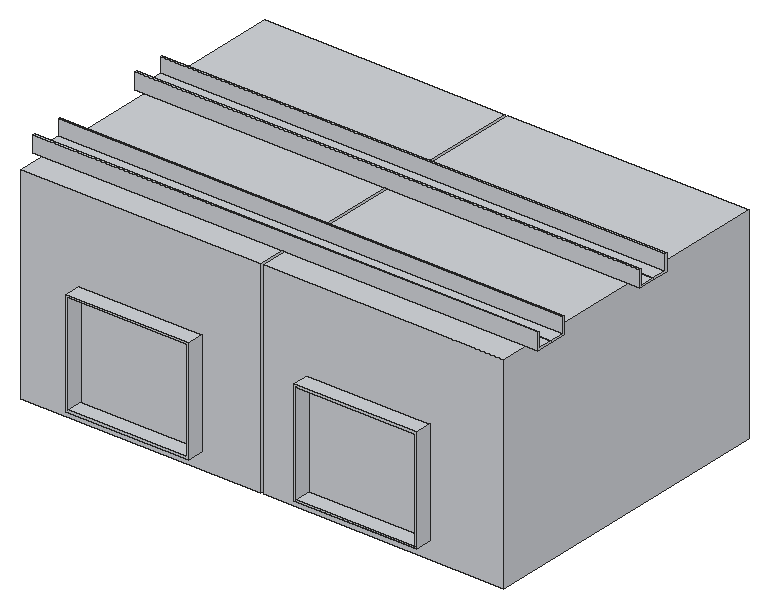
Revit family "TDB", category Mechanical Equipment, Revit 2019
Family settings
  Round Connector Dimension = Use Diameter
  Part Type = Normal
  Work Plane-Based = No
  Always vertical = Yes
  Cut with Voids When Loaded = No
  Shared = No
  Room Calculation Point = No
Parameters (values of type "TDB-8")
  ZERO = 0' - 0"  # constant formula
  Voltage [instance] = 0 V
  Unit Weight [instance] = ""
  URL = "www.lorencook.com"
  Type Comments = "Twin Duct Blower Internal Belt Drive"  # constant formula
  T_SQ_HALF = T_SQ / 2  # 0' - 6"
  T_SQ = 1' - 0"
  Static Pressure [instance] = 0.00 in-wg
  Sones [instance] = ""
  Power [instance] = Voltage * Motor FLA * sqrt(if(Phase = 3, 3, 1))  # 0 VA
  Phase [instance] = 0
  Number of Poles [instance] = 1
  Motor RPM [instance] = ""
  Motor Hp [instance] = "0"
  Motor FLA [instance] = 0 A
  Motor Enclosure [instance] = ""
  ModelID [instance] = ""
  Model = "TDB"  # constant formula
  Manufacturer = "Loren Cook Company"
  M/2 = M / 2  # 0' - 8 1/16"
  M = 1' - 4 1/8"
  LwA [instance] = ""
  L = 1' - 1 7/16"
  K/2 = F / 2  # 1' - 7"
  Fan RPM [instance] = ""
  F = 3' - 2"
  H = 0' - 3 5/16"
  G = 0' - 9 5/8"
  F/2 = F - 2' 0" / 2  # 2' - 2"
  F-2 = 1' - 9"
  E/2 = E / 2  # 0' - 4 5/8"
  E = 0' - 9 1/4"
  D = 0' - 7 7/8"
  C = 1' - 11"
  CFM [instance] = 0 CFM
  C/2 = C / 2  # 0' - 11 1/2"
  Brake Hp [instance] = ""
  B/2 = B / 2  # 0' - 7 23/32"
  B = 1' - 3 7/16"
  Accessories [instance] = ""
  A-((M-A)/2)+.1875 = A - ((A - M) / 2) + 0' 0 3/16"  # 1' - 5 5/16"
  A-((A-E)/2)+.1875 = A - ((A - E) / 2) + 0' 0 3/16"  # 1' - 1 7/8"
  A = 1' - 6 1/8"
  A/2 = A / 2  # 0' - 9 1/16"
  1.25 = 0' - 1 1/4"  # constant formula
  0 = 0' - 0"  # constant formula
  3/16 = 0' - 0 3/16"  # constant formula
  ONE EIGTH = 0' - 0 1/8"  # constant formula
  -K/2 = -(F / 2)  # -1' - 7"
  (B-L)/2 = (B - L) / 2  # 0' - 1"
  (A-E)/2 = (A - E) / 2  # 0' - 4 7/16"
Types (7): name | M/2 | M | L | K/2 | F | H | G | F/2 | F-2 | E/2 | E | D | C | C/2 | B/2 | B | A-((M-A)/2)+.1875 | A-((A-E)/2)+.1875 | A | A/2 | -K/2 | (A-E)/2
  (no name) | 0' - 8 1/16" | 1' - 4 1/8" | 1' - 1 7/16" | 1' - 7" | 3' - 2" | 0' - 3 5/16" | 0' - 9 5/8" | 2' - 2" | 1' - 9" | 0' - 4 5/8" | 0' - 9 1/4" | 0' - 7 7/8" | 1' - 11" | 0' - 11 1/2" | 0' - 7 23/32" | 1' - 3 7/16" | 1' - 5 5/16" | 1' - 1 7/8" | 1' - 6 1/8" | 0' - 9 1/16" | -1' - 7" | 0' - 4 7/16"
  TDB-9 | 0' - 9 9/16" | 1' - 7 1/8" | 1' - 4 1/8" | 1' - 10" | 3' - 8" | 0' - 3 11/16" | 0' - 11 3/4" | 2' - 8" | 2' - 0" | 0' - 5 15/16" | 0' - 11 7/8" | 0' - 10 5/16" | 2' - 1 3/4" | 1' - 0 7/8" | 0' - 9 1/16" | 1' - 6 1/8" | 1' - 8 5/16" | 1' - 4 11/16" | 1' - 9 1/8" | 0' - 10 9/16" | -1' - 10" | 0' - 4 5/8"
  TDB-10 | 0' - 10 3/16" | 1' - 8 3/8" | 1' - 6 1/8" | 1' - 11 1/4" | 3' - 10 1/2" | 0' - 3 11/16" | 1' - 1 3/8" | 2' - 10 1/2" | 2' - 2" | 0' - 6 9/16" | 1' - 1 1/8" | 0' - 11 3/8" | 2' - 4 1/4" | 1' - 2 1/8" | 0' - 10 1/16" | 1' - 8 1/8" | 1' - 9 9/16" | 1' - 5 15/16" | 1' - 10 3/8" | 0' - 11 3/16" | -1' - 11 1/4" | 0' - 4 5/8"
  TDB-13 | 1' - 0 9/16" | 2' - 1 1/8" | 1' - 9 3/16" | 2' - 4" | 4' - 8" | 0' - 3 11/16" | 1' - 4 1/8" | 3' - 8" | 2' - 6" | 0' - 7 13/16" | 1' - 3 5/8" | 1' - 1 7/16" | 2' - 7 1/4" | 1' - 3 5/8" | 0' - 11 19/32" | 1' - 11 3/16" | 2' - 2 5/16" | 1' - 9 9/16" | 2' - 3 1/8" | 1' - 1 9/16" | -2' - 4" | 0' - 5 3/4"
  TDB-15 | 1' - 3 1/4" | 2' - 6 1/2" | 2' - 0 15/16" | 2' - 9 3/8" | 5' - 6 3/4" | 0' - 3 11/16" | 1' - 7 1/2" | 4' - 6 3/4" | 3' - 0" | 0' - 9 5/16" | 1' - 6 5/8" | 1' - 3 7/8" | 3' - 0 1/4" | 1' - 6 1/8" | 1' - 1 15/32" | 2' - 2 15/16" | 2' - 7 11/16" | 2' - 1 3/4" | 2' - 8 1/2" | 1' - 4 1/4" | -2' - 9 3/8" | 0' - 6 15/16"
  TDB-18 | 1' - 7 1/2" | 3' - 3" | 2' - 5 7/8" | 3' - 5 7/8" | 6' - 11 3/4" | 0' - 3 7/8" | 2' - 0" | 5' - 11 3/4" | 3' - 8" | 0' - 10 15/16" | 1' - 9 7/8" | 1' - 6 7/8" | 3' - 8 3/4" | 1' - 10 3/8" | 1' - 3 15/16" | 2' - 7 7/8" | 3' - 4 3/16" | 2' - 7 5/8" | 3' - 5" | 1' - 8 1/2" | -3' - 5 7/8" | 0' - 9 9/16"
  TDB-8 | 0' - 8 1/16" | 1' - 4 1/8" | 1' - 1 7/16" | 1' - 7" | 3' - 2" | 0' - 3 5/16" | 0' - 9 5/8" | 2' - 2" | 1' - 9" | 0' - 4 5/8" | 0' - 9 1/4" | 0' - 7 7/8" | 1' - 11" | 0' - 11 1/2" | 0' - 7 23/32" | 1' - 3 7/16" | 1' - 5 5/16" | 1' - 1 7/8" | 1' - 6 1/8" | 0' - 9 1/16" | -1' - 7" | 0' - 4 7/16"
Reference planes (in)
  plane 1 "Center (Front/Back)": y = 0
  plane 2: z = 0
  plane 3 "Center (Left/Right)": x = 0.40541
Forms (in)
  Extrusion 1, solid
    sketch origin (0, 0, 0) x (1, 0, 0) y (0, 1, 0)
      loop
        line (0.21791, 11.5) -> (-17.90709, 11.5) -> (-17.90709, -11.5) -> (0.21791, -11.5) -> (0.21791, 11.5)
    from 15.4375 <- "B" to 0
  Extrusion 2, solid
    sketch origin (-17.90709, -11.5, 0) x (1, 0, 0) y (0, 0, 1)
      loop
        line (4.4375, 9.125) -> (4.4375, 1.25) -> (13.6875, 1.25) -> (13.6875, 9.125) -> (4.4375, 9.125)
    from 1.25 to 0
  Extrusion 3, void
    sketch origin (-17.90709, -11.5, 0) x (-1, 0, 0) y (0, 0, 1)
      loop
        line (-4.5625, 9) -> (-13.5625, 9) -> (-13.5625, 1.375) -> (-4.5625, 1.375) -> (-4.5625, 9)
    from -1.25 to 0
  Extrusion 4, solid
    sketch origin (0.21791, 11.5, 0) x (-1, 0, 0) y (0, 0, 1)
      loop
        line (1, 14.4375) -> (1, 1) -> (17.125, 1) -> (17.125, 14.4375) -> (1, 14.4375)
    from 1.25 to 0
  Extrusion 5, void
    sketch origin (0.21791, 11.5, 0) x (1, 0, 0) y (0, 0, 1)
      loop
        line (-1.125, 14.3125) -> (-17, 14.3125) -> (-17, 1.125) -> (-1.125, 1.125) -> (-1.125, 14.3125)
    from -1.25 to 0
  Extrusion 6, solid
    sketch origin (0.40541, 0, 0) x (0, 1, 0) y (0, 0, 1)
      loop
        line (-9.4375, 16.6875) -> (-9.4375, 15.4375) -> (-8.1875, 15.4375) -> (-8.1875, 15.5625) -> (-9.3125, 15.5625) -> (-9.3125, 16.6875) -> (-9.4375, 16.6875)
    from -19 <- "-K/2" to 19 <- "K/2"
  Extrusion 7, solid
    sketch origin (0.40541, 0, 0) x (0, 1, 0) y (0, 0, 1)
      loop
        line (-8.1875, 15.5625) -> (-8.1875, 15.4375) -> (-6.9375, 15.4375) -> (-6.9375, 16.6875) -> (-7.0625, 16.6875) -> (-7.0625, 15.5625) -> (-8.1875, 15.5625)
    from 19 <- "K/2" to -19 <- "-K/2"
  Extrusion 8, solid
    sketch origin (0.40541, 0, 0) x (0, 1, 0) y (0, 0, 1)
      loop
        line (0.1875, 15.4375) -> (1.4375, 15.4375) -> (1.4375, 15.5625) -> (0.3125, 15.5625) -> (0.3125, 16.6875) -> (0.1875, 16.6875) -> (0.1875, 15.4375)
    from 19 <- "K/2" to -19 <- "-K/2"
  Extrusion 9, solid
    sketch origin (0.40541, 0, 0) x (0, 1, 0) y (0, 0, 1)
      loop
        line (1.4375, 15.5625) -> (1.4375, 15.4375) -> (2.6875, 15.4375) -> (2.6875, 16.6875) -> (2.5625, 16.6875) -> (2.5625, 15.5625) -> (1.4375, 15.5625)
    from 19 <- "K/2" to -19 <- "-K/2"
  Extrusion 10, void
    sketch origin (-17.90709, 11.5, 0) x (0, 1, 0) y (0, 0, 1)
      loop
        circle (-1.25, 7.71875) r 0.75
    from 0 to 0.125
  Extrusion 11, solid
    sketch origin (0.81082, 0, 0) x (-1, 0, 0) y (0, -1, 0)
      loop
        line (0.40541, -11.5) -> (0.40541, 11.5) -> (-17.71959, 11.5) -> (-17.71959, -11.5) -> (0.40541, -11.5)
    from 15.4375 <- "B" to 0
  Extrusion 12, solid
    sketch origin (18.53041, -11.5, 0) x (-1, 0, 0) y (0, 0, -1)
      loop
        line (5.5625, -9.125) -> (14.8125, -9.125) -> (14.8125, -1.25) -> (5.5625, -1.25) -> (5.5625, -9.125)
    from 1.25 to 0
  Extrusion 13, void
    sketch origin (18.53041, -11.5, 0) x (1, 0, 0) y (0, 0, -1)
      loop
        line (-5.6875, -9) -> (-5.6875, -1.375) -> (-14.6875, -1.375) -> (-14.6875, -9) -> (-5.6875, -9)
    from -1.25 to 0
  Extrusion 14, solid
    sketch origin (0.40541, 11.5, 0) x (1, 0, 0) y (0, 0, -1)
      loop
        line (1, -14.4375) -> (17.125, -14.4375) -> (17.125, -1) -> (1, -1) -> (1, -14.4375)
    from 1.25 to 0
  Extrusion 15, void
    sketch origin (0.40541, 11.5, 0) x (-1, 0, 0) y (0, 0, -1)
      loop
        line (-1.125, -14.3125) -> (-1.125, -1.125) -> (-17, -1.125) -> (-17, -14.3125) -> (-1.125, -14.3125)
    from -1.25 to 0
  Extrusion 16, void
    sketch origin (18.53041, 11.5, 0) x (0, 1, 0) y (0, 0, -1)
      loop
        circle (-1.25, -6.375) r 0.75
    from 0 to 0.125
Cuts and joins
  Extrusion 3, Extrusion 5, Extrusion 10, Extrusion 13, Extrusion 15, Extrusion 16 cuts Extrusion 1
  Extrusion 3, Extrusion 13 cuts Extrusion 2
  Extrusion 5, Extrusion 15 cuts Extrusion 4
  Extrusion 13 cuts Extrusion 11
  Extrusion 13 cuts Extrusion 12
  Extrusion 15 cuts Extrusion 14
Dimensions and locks (in)
  "C": Extrusion 1 sketch curve to Extrusion 1 sketch curve
  "A": Extrusion 1 sketch curve to Extrusion 1 sketch curve
  "3/16": Extrusion 1 sketch curve to plane 3 "Center (Left/Right)"
  "C/2": Extrusion 1 sketch curve to plane 1 "Center (Front/Back)"
  "1.25": Extrusion 2 sketch curve to Extrusion 1
  "D": Extrusion 2 sketch curve to Extrusion 2 sketch curve
  "E": Extrusion 2 sketch curve to Extrusion 2 sketch curve
  "A-((A-E)/2)+.1875": plane 3 "Center (Left/Right)" to Extrusion 2 sketch curve
  "ONE EIGTH": Extrusion 2 to Extrusion 3 sketch curve  (x2)
  "ONE EIGTH": Extrusion 3 sketch curve to Extrusion 2  (x2)
  "M": Extrusion 4 sketch curve to Extrusion 4 sketch curve
  "A-((M-A)/2)+.1875": plane 3 "Center (Left/Right)" to Extrusion 4 sketch curve
  "L": Extrusion 4 sketch curve to Extrusion 4 sketch curve
  "(B-L)/2": cut or joined group of Extrusion 1, Extrusion 3, Extrusion 5, Extrusion 10, Extrusion 13, Extrusion 15, Extrusion 16 to Extrusion 4 sketch curve
  "ONE EIGTH": Extrusion 5 sketch curve to Extrusion 4  (x3)
  "ONE EIGTH": Extrusion 4 to Extrusion 5 sketch curve
  "H": Extrusion 6 sketch curve to cut or joined group of Extrusion 1, Extrusion 3, Extrusion 5, Extrusion 10, Extrusion 13, Extrusion 15, Extrusion 16
  "1.25": Extrusion 6 sketch curve to Extrusion 6 sketch curve
  "1.25": Extrusion 6 sketch curve to cut or joined group of Extrusion 1, Extrusion 3, Extrusion 5, Extrusion 10, Extrusion 13, Extrusion 15, Extrusion 16
  "0": Extrusion 6 sketch curve to cut or joined group of Extrusion 1, Extrusion 3, Extrusion 5, Extrusion 10, Extrusion 13, Extrusion 15, Extrusion 16
  "ONE EIGTH": cut or joined group of Extrusion 1, Extrusion 3, Extrusion 5, Extrusion 10, Extrusion 13, Extrusion 15, Extrusion 16 to Extrusion 6 sketch curve
  "ONE EIGTH": Extrusion 6 sketch curve to Extrusion 6 sketch curve
  "0": Extrusion 7 sketch curve to Extrusion 6  (x2)
  "0": Extrusion 7 sketch curve to cut or joined group of Extrusion 1, Extrusion 3, Extrusion 5, Extrusion 10, Extrusion 13, Extrusion 15, Extrusion 16
  "1.25": Extrusion 7 sketch curve to Extrusion 7 sketch curve
  "ONE EIGTH": Extrusion 7 sketch curve to Extrusion 7 sketch curve
  "G": Extrusion 8 sketch curve to Extrusion 7
  "0": Extrusion 8 sketch curve to Extrusion 7
  "0": Extrusion 8 sketch curve to cut or joined group of Extrusion 1, Extrusion 3, Extrusion 5, Extrusion 10, Extrusion 13, Extrusion 15, Extrusion 16
  "1.25": Extrusion 8 sketch curve to Extrusion 8 sketch curve
  "ONE EIGTH": Extrusion 8 sketch curve to Extrusion 8 sketch curve
  "0": Extrusion 7 to Extrusion 8 sketch curve
  "ONE EIGTH": Extrusion 9 sketch curve to Extrusion 9 sketch curve
  "0": Extrusion 9 sketch curve to Extrusion 8
  "0": Extrusion 9 sketch curve to cut or joined group of Extrusion 1, Extrusion 3, Extrusion 5, Extrusion 10, Extrusion 13, Extrusion 15, Extrusion 16
  "1.25": Extrusion 9 sketch curve to Extrusion 9 sketch curve
  "1.25": cut or joined group of Extrusion 1, Extrusion 3, Extrusion 5, Extrusion 10, Extrusion 13, Extrusion 15, Extrusion 16 to Extrusion 10 sketch curve
  "B/2": Extrusion 10 sketch curve to level
  "0": Extrusion 6 to Extrusion 7 sketch curve
  "0": Extrusion 8 to Extrusion 9 sketch curve
  "C": Extrusion 11 sketch curve to Extrusion 11 sketch curve
  "A": Extrusion 11 sketch curve to Extrusion 11 sketch curve
  "1.25": Extrusion 11 to Extrusion 12 sketch curve
  "D": Extrusion 12 sketch curve to Extrusion 12 sketch curve
  "E": Extrusion 12 sketch curve to Extrusion 12 sketch curve
  "ONE EIGTH": Extrusion 13 sketch curve to Extrusion 12  (x2)
  "ONE EIGTH": Extrusion 12 to Extrusion 13 sketch curve  (x2)
  "M": Extrusion 14 sketch curve to Extrusion 14 sketch curve
  "L": Extrusion 14 sketch curve to Extrusion 14 sketch curve
  "ONE EIGTH": Extrusion 14 to Extrusion 15 sketch curve
  "ONE EIGTH": Extrusion 15 sketch curve to Extrusion 14  (x3)
  "3/16": Extrusion 11 sketch curve to cut or joined group of Extrusion 1, Extrusion 3, Extrusion 5, Extrusion 10, Extrusion 13, Extrusion 15, Extrusion 16
  "0": Extrusion 11 sketch curve to cut or joined group of Extrusion 1, Extrusion 3, Extrusion 5, Extrusion 10, Extrusion 13, Extrusion 15, Extrusion 16
  "(A-E)/2": cut or joined group of Extrusion 14, Extrusion 15 to Extrusion 12 sketch curve
Automatic sketch dimensions
  Extrusion 9 sketch curve to Extrusion 9 sketch curve = 0' - 0 1/8"
  Extrusion 11 to Extrusion 14 sketch curve = 0' - 1"  (x2)
  Extrusion 11 to Extrusion 16 sketch curve = 0' - 1 1/4"
  Extrusion 16 sketch curve to Extrusion 11 = 0' - 9 1/16"
  radius of Extrusion 10 sketch curve = 0' - 0 3/4"
  radius of Extrusion 16 sketch curve = 0' - 0 3/4"
Connectors (in)
  hvac at (-8.84459, -12.75, 5.1875), driven by "D", driven by "E"
    settings: on cut or joined group of Extrusion 2, Extrusion 3, Extrusion 13, index 1, duct flow 0 CFM, flow factor 0, pres drop 0.00 in-wg, loss coef 0, conn angle 0.00°, conn width 9 1/4", conn height 7 7/8", conn diameter 24", duct sys type 3, conn prof type 1, flow config 0, flow direction 2, loss method 0, conn ref index -1, conn util no, is conn primary yes, conn desc ""
  hvac at (-8.84459, 12.75, 7.71875), driven by "M", driven by "L"
    settings: on cut or joined group of Extrusion 4, Extrusion 5, Extrusion 15, index 2, duct flow 0 CFM, flow factor 0, pres drop 0.00 in-wg, loss coef 0, conn angle 0.00°, conn width 16 1/8", conn height 13 7/16", conn diameter 24", duct sys type 1, conn prof type 1, flow config 0, flow direction 1, loss method 0, conn ref index -1, conn util no, is conn primary no, conn desc ""
  electrical at (-17.90709, 10.25, 7.71875)
    settings: on cut or joined group of Extrusion 1, Extrusion 3, Extrusion 5, Extrusion 10, Extrusion 13, Extrusion 15, Extrusion 16, index 3, voltage 0 V, apparent load 0 VA, apparent load phase1 0 VA, apparent load phase2 0 VA, apparent load phase3 0 VA, power factor 1, load classification "Other", number of poles 1, system type 30, power factor state 1, is connector primary yes, connector utility no, sub classification motor no, connector description ""
  hvac at (-8.84459, -12.75, 5.1875), driven by "D", driven by "E"
    settings: on cut or joined group of Extrusion 2, Extrusion 3, Extrusion 13, index 4, duct flow 0 CFM, flow factor 0, pres drop 0.00 in-wg, loss coef 0, conn angle 0.00°, conn width 9 1/4", conn height 7 7/8", conn diameter 24", duct sys type 29, conn prof type 1, flow config 0, flow direction 2, loss method 0, conn ref index -1, conn util no, is conn primary no, conn desc ""
  hvac at (-8.84459, 12.75, 7.71875), driven by "M", driven by "L"
    settings: on cut or joined group of Extrusion 4, Extrusion 5, Extrusion 15, index 5, duct flow 0 CFM, flow factor 0, pres drop 0.00 in-wg, loss coef 0, conn angle 0.00°, conn width 16 1/8", conn height 13 7/16", conn diameter 24", duct sys type 29, conn prof type 1, flow config 0, flow direction 1, loss method 0, conn ref index -1, conn util no, is conn primary no, conn desc ""
  hvac at (8.34291, -12.75, 5.1875), driven by "D", driven by "E"
    settings: on cut or joined group of Extrusion 12, Extrusion 13, index 6, duct flow 0 CFM, flow factor 0, pres drop 0.00 in-wg, loss coef 0, conn angle 0.00°, conn width 9 1/4", conn height 7 7/8", conn diameter 24", duct sys type 29, conn prof type 1, flow config 0, flow direction 2, loss method 0, conn ref index -1, conn util no, is conn primary no, conn desc ""
  hvac at (9.46791, 12.75, 7.71875), driven by "L", driven by "M"
    settings: on cut or joined group of Extrusion 14, Extrusion 15, index 7, duct flow 0 CFM, flow factor 0, pres drop 0.00 in-wg, loss coef 0, conn angle 0.00°, conn width 16 1/8", conn height 13 7/16", conn diameter 24", duct sys type 29, conn prof type 1, flow config 0, flow direction 1, loss method 0, conn ref index -1, conn util no, is conn primary no, conn desc ""
